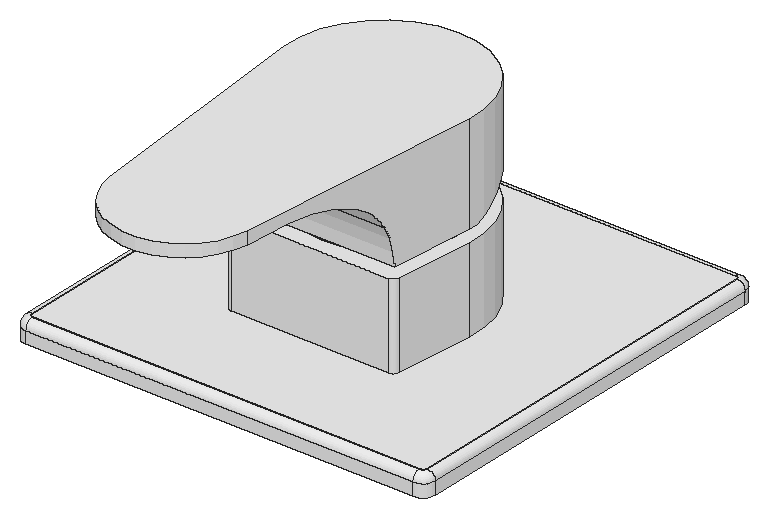
Revit family "Mixer-Bath Shower-Dorf Viridian1", category Plumbing Fixtures, host Face, Revit 2014
Parameters (values of type "Standard")
  Waste Connection = no
  Vent Connection = no
  URL = "http://specify.caroma.com.au/products/mixer-taps/viridian/viridian-bath-shower-mixer"
  Type Comments = "Dorf Viridian Bath/Shower Mixer"  # constant formula
  ModifiedIssue_ANZRS = 20150121.01  # constant formula
  Model = "811015C"  # constant formula
  Material_ANZRS = Metal-Chrome-Caroma
  Manufacturer = "GWA Bathrooms & Kitchens"  # constant formula
  HWFU = 2  # constant formula
  HW Connection = yes
  Description = "The Dorf Viridian range delivers clean lines and smooth surfaces with modern fittings that will stand the test of time."  # constant formula
  Default Elevation = 1000 mm
  CreatedBy_ANZRS = "Design Content"  # constant formula
  CreatedByURL_ANZRS = "http://www.designcontent.com.au"
  Cost = 0
  Connector Radius = 10 mm
  CWFU = 2  # constant formula
  CW Connection = yes
  Assembly Code = "C1030210"
Reference planes
  plane 1 "Center (Front/Back)": y = 0
  plane 2: z = 0
  plane 3 "Center (Left/Right)": x = 0
Forms (mm)
  Extrusion 1, solid, material "Metal-Chrome-Caroma" <- "Material_ANZRS"
    sketch origin (17.071, 0, 0) x (1, 0, 0) y (0, 1, 0)
      loop
        circle (-7.071, -7.071) r 10
    from -20 to 0
  Extrusion 2, solid, material "Metal-Chrome-Caroma" <- "Material_ANZRS"
    sketch origin (-17.071, -14.142, 0) x (-1, 0, 0) y (0, -1, 0)
      loop
        circle (-7.071, -7.071) r 10
    from -20 to 0
  Extrusion 3, solid, material "Metal-Chrome-Caroma" <- "Material_ANZRS"
    sketch origin (0, 0, 0) x (1, 0, 0) y (0, 1, 0)
      loop
        arc (-20.591, -21.16) -> (-20.107, -22.127) -> (-19.097, -22.518) r 1.5
        line (-19.097, -22.518) -> (19.097, -22.518)
        arc (19.097, -22.518) -> (20.107, -22.127) -> (20.591, -21.16) r 1.5
        line (20.591, -21.16) -> (22.401, -2.131)
        arc (22.401, -2.131) -> (0, 22.502) -> (-22.401, -2.131) r 22.502
        line (-22.401, -2.131) -> (-20.591, -21.16)
    from 0 to 25.5
  Extrusion 4, solid, material "Metal-Chrome-Caroma" <- "Material_ANZRS"
    sketch origin (0, 0, -94.5) x (1, 0, 0) y (0, 1, 0)
      loop
        arc (-16.671, -62.37) -> (0, -77.531) -> (16.671, -62.37) r 16.746
        line (16.671, -62.37) -> (22.401, -2.131)
        arc (22.401, -2.131) -> (0, 22.502) -> (-22.401, -2.131) r 22.502
        line (-22.401, -2.131) -> (-16.671, -62.37)
    from 122.955 to 147.01
  Extrusion 5, void
    sketch origin (0, 0, -94.5) x (0, 1, 0) y (0, 0, 1)
      loop
        line (-81.813, 143.988) -> (-81.813, 120.502) -> (23.699, 120.502) -> (23.699, 132.824) -> (-2.325, 122.044) -> (-22.518, 122.044) -> (-22.518, 122.955)
        arc (-22.518, 122.955) -> (-23.182, 127.89) -> (-25.127, 132.473) r 18.667
        arc (-25.127, 132.473) -> (-28.218, 136.384) -> (-32.234, 139.336) r 18.667
        arc (-32.234, 139.336) -> (-41.472, 142.915) -> (-51.32, 143.988) r 38.061
        line (-51.32, 143.988) -> (-81.813, 143.988)
    from -100 to 100
  Revolve 6, solid, material "Metal-Chrome-Caroma" <- "Material_ANZRS"
    sketch origin (0, 0, -94.5) x (0, 1, 0) y (0, 0, 1)
      loop
        line (0, 120) -> (18.877, 120)
        arc (18.877, 120) -> (17.563, 125.206) -> (14.845, 129.837) r 19
        line (14.845, 129.837) -> (0, 129.837) -> (0, 120)
      axis (0, 129.837) -> (0, 120)
    angle from 0 to 360
  Sweep 7, solid, material "Metal-Chrome-Caroma" <- "Material_ANZRS"
    path origin (0, 0, 0) x (1, 0, 0) y (0, 1, 0)
      loop
        arc (-47, 50) -> (-49.121, 49.121) -> (-50, 47) r 3
        line (-50, 47) -> (-50, -47)
        arc (-50, -47) -> (-49.121, -49.121) -> (-47, -50) r 3
        line (-47, -50) -> (47, -50)
        arc (47, -50) -> (49.121, -49.121) -> (50, -47) r 3
        line (50, -47) -> (50, 47)
        arc (50, 47) -> (49.121, 49.121) -> (47, 50) r 3
        line (47, 50) -> (-47, 50)
    profile origin (0, 50, 0) x (0, 1, 0) y (0, 0, 1)
      loop
        line (0, 0) -> (0, 3)
        arc (0, 3) -> (-0.586, 4.414) -> (-2, 5) r 2
        line (-2, 5) -> (-2, 0) -> (0, 0)
  Extrusion 8, solid, material "Metal-Chrome-Caroma" <- "Material_ANZRS"
    sketch origin (0, 0, 0) x (1, 0, 0) y (0, 1, 0)
      loop
        arc (-48, -47) -> (-47.707, -47.707) -> (-47, -48) r 1
        line (-47, -48) -> (47, -48)
        arc (47, -48) -> (47.707, -47.707) -> (48, -47) r 1
        line (48, -47) -> (48, 47)
        arc (48, 47) -> (47.707, 47.707) -> (47, 48) r 1
        line (47, 48) -> (-47, 48)
        arc (-47, 48) -> (-47.707, 47.707) -> (-48, 47) r 1
        line (-48, 47) -> (-48, -47)
    from 0 to 5
  Extrusion 9, solid, material "Metal-Chrome-Caroma" <- "Material_ANZRS"
    sketch origin (-7.071, 3.453, 0) x (-1, 0, 0) y (0, -1, 0)
      loop
        circle (-7.071, -7.071) r 10
    from -20 to 0
Cuts and joins
  Extrusion 5 cuts Extrusion 4
  joined: Extrusion 3, Extrusion 4, Revolve 6, Extrusion 8
Lines and regions (mm)
  Masking region 1
    outline origin (0, 0, 0) x (1, 0, 0) y (0, 1, 0)
      loop
        line (-47, -50) -> (-17.847, -50) -> (-16.671, -62.37)
        arc (-16.671, -62.37) -> (0, -77.531) -> (16.671, -62.37) r 16.746
        line (16.671, -62.37) -> (17.847, -50) -> (47, -50)
        arc (47, -50) -> (49.121, -49.121) -> (50, -47) r 3
        line (50, -47) -> (50, 47)
        arc (50, 47) -> (49.121, 49.121) -> (47, 50) r 3
        line (47, 50) -> (-47, 50)
        arc (-47, 50) -> (-49.121, 49.121) -> (-50, 47) r 3
        line (-50, 47) -> (-50, -47)
        arc (-50, -47) -> (-49.121, -49.121) -> (-47, -50) r 3
  Masking region 2
    outline origin (0, 0, 0) x (0, 1, 0) y (0, 0, 1)
      loop
        line (-50, 0) -> (50, 0) -> (50, 3)
        arc (50, 3) -> (49.414, 4.414) -> (48, 5) r 2
        line (48, 5) -> (22.518, 5) -> (22.518, 25.5) -> (18.877, 25.5)
        arc (18.877, 25.5) -> (17.7, 30.41) -> (15.242, 34.821) r 18.525
        line (15.242, 34.821) -> (22.502, 37.828) -> (22.502, 52.51) -> (-77.531, 52.51) -> (-77.531, 49.488) -> (-51.32, 49.488)
        arc (-51.32, 49.488) -> (-41.472, 48.415) -> (-32.234, 44.836) r 38.061
        arc (-32.234, 44.836) -> (-28.218, 41.884) -> (-25.127, 37.973) r 18.667
        arc (-25.127, 37.973) -> (-23.182, 33.39) -> (-22.518, 28.455) r 18.667
        line (-22.518, 28.455) -> (-18.325, 28.455)
        arc (-18.325, 28.455) -> (-18.644, 26.986) -> (-18.877, 25.5) r 25.894
        line (-18.877, 25.5) -> (-22.518, 25.5) -> (-22.518, 5) -> (-48, 5)
        arc (-48, 5) -> (-49.414, 4.414) -> (-50, 3) r 2
        line (-50, 3) -> (-50, 0)
  Masking region 3
    outline origin (0, 0, 0) x (1, 0, 0) y (0, 0, 1)
      loop
        line (48, 5) -> (22.502, 5) -> (22.502, 25.5) -> (18.875, 25.5)
        arc (18.875, 25.5) -> (18.654, 26.988) -> (18.324, 28.455) r 20.247
        line (18.324, 28.455) -> (22.502, 28.455) -> (22.502, 52.51) -> (-22.502, 52.51) -> (-22.502, 28.455) -> (-18.324, 28.455)
        arc (-18.324, 28.455) -> (-18.654, 26.988) -> (-18.875, 25.5) r 20.247
        line (-18.875, 25.5) -> (-22.502, 25.5) -> (-22.502, 5) -> (-48, 5)
        arc (-48, 5) -> (-49.414, 4.414) -> (-50, 3) r 2
        line (-50, 3) -> (-50, 0) -> (50, 0) -> (50, 3)
        arc (50, 3) -> (49.414, 4.414) -> (48, 5) r 2
  symbolic lines, style "Taps/Mixers"
    curve 1: line (-22.401, -2.131, 0) -> (-16.671, -62.37, 0)
    curve 2: arc (22.401, -2.131, 0) -> (0, 22.502, 0) -> (-22.401, -2.131, 0) r 22.502
    curve 3: line (16.671, -62.37, 0) -> (22.401, -2.131, 0)
    curve 4: arc (-16.671, -62.37, 0) -> (0, -77.531, 0) -> (16.671, -62.37, 0) r 16.746
    curve 5: line (0, 22.336, 37.759) -> (0, -0.126, 28.455)
    curve 6: line (0, -22.518, 28.455) -> (0, -0.126, 28.455)
    curve 7: line (0, 22.502, 25.5) -> (0, -22.518, 25.5)
    curve 8: line (0, 48, 5) -> (0, -48, 5)
    curve 9: spline (0, 0, 34.821) -> (2.256, 0, 34.767) -> (4.478, 0, 34.609) -> (6.632, 0, 34.347) -> (8.687, 0, 33.987) -> (10.61, 0, 33.533) -> (12.374, 0, 32.992) -> (13.951, 0, 32.372) -> (15.318, 0, 31.683) -> (16.454, 0, 30.936) -> (17.342, 0, 30.14) -> (17.969, 0, 29.309) -> (18.324, 0, 28.455)
    curve 10: spline (-18.324, 0, 28.455) -> (-17.969, 0, 29.309) -> (-17.342, 0, 30.14) -> (-16.454, 0, 30.936) -> (-15.318, 0, 31.683) -> (-13.951, 0, 32.372) -> (-12.374, 0, 32.992) -> (-10.61, 0, 33.533) -> (-8.687, 0, 33.987) -> (-6.632, 0, 34.347) -> (-4.478, 0, 34.609) -> (-2.256, 0, 34.767) -> (0, 0, 34.821)
    curve 11: line (22.501, 0, 28.455) -> (-22.501, 0, 28.455)
    curve 12: line (22.502, 0, 25.5) -> (-22.502, 0, 25.5)
    curve 13: line (22.502, 0, 5) -> (-22.502, 0, 5)
Dimensions and locks
  aligned and locked: plane 2 to host face
  aligned and locked: level to host face
Connectors
  piping at (10, -7.071, -20), diameter 20, driven by "Connector Radius", driven by "CWFU"
    settings: on Extrusion 1, index 3, connector inside diameter 0.7874", connector length 0 mm, flow factor 0, pipe flow 0 GPM, pressure drop 0.00 psi, fitting loss kfactor 0, connector angle 0.00°, fixture units 2, engagement length 0 mm, angle of deflection 0.00°, flow configuration 3, flow direction 1, fitting loss method 101, system type 20, joint type 0, gender type 0, connector reference index -1, connector utility 0, adjustable connector no, is connector primary yes, connector description "Cold Inlet"
  piping at (-10, -7.071, -20), diameter 20, driven by "Connector Radius", driven by "HWFU"
    settings: on Extrusion 2, index 4, connector inside diameter 0.7874", connector length 0 mm, flow factor 0, pipe flow 0 GPM, pressure drop 0.00 psi, fitting loss kfactor 0, connector angle 0.00°, fixture units 2, engagement length 0 mm, angle of deflection 0.00°, flow configuration 3, flow direction 1, fitting loss method 101, system type 19, joint type 0, gender type 0, connector reference index -1, connector utility 0, adjustable connector no, is connector primary no, connector description "Hot Inlet"
  piping at (0, 10.524, -20), diameter 20, driven by "HWFU", driven by "Connector Radius"
    settings: on Extrusion 9, index 5, connector inside diameter 0.7874", connector length 0 mm, flow factor 0, pipe flow 0 GPM, pressure drop 0.00 psi, fitting loss kfactor 0, connector angle 0.00°, fixture units 2, engagement length 0 mm, angle of deflection 0.00°, flow configuration 3, flow direction 2, fitting loss method 101, system type 19, joint type 0, gender type 0, connector reference index -1, connector utility 0, adjustable connector no, is connector primary no, connector description "Outlet"
